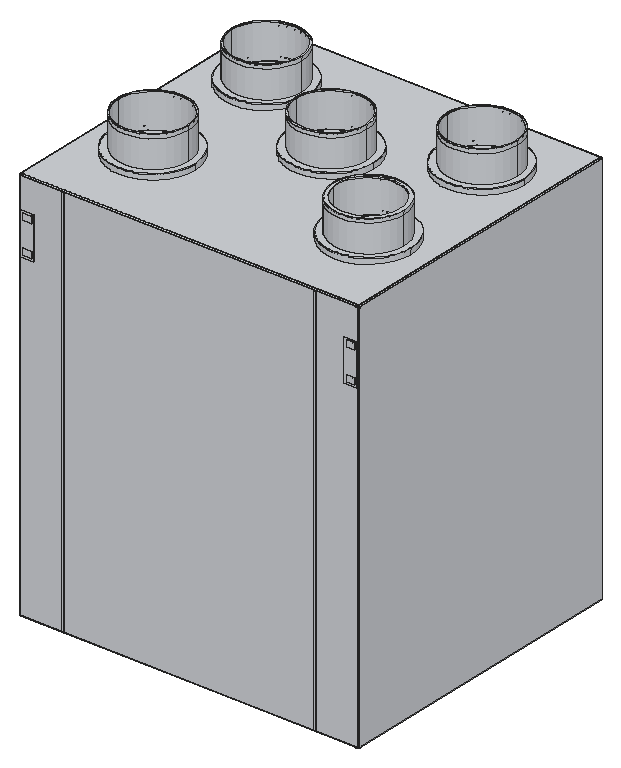
Revit family "Flexit Nordic S 3 R E 500 L 230", category Mechanical Equipment, Revit 2018
Family settings
  Round Connector Dimension = Use Radius
  Part Type = Normal
  Work Plane-Based = No
  Always vertical = Yes
  Cut with Voids When Loaded = No
  Shared = No
  Room Calculation Point = No
Parameters
  magiProductId = "Flexit Nordic S 3 R E 500 L 230"
  magiPartTypeId = 210
  magiFamilyGeom = MagiCAD_Flexit Nordic S 3 R E 500 L 230 : MagiCAD_Flexit Nordic S 3 R E 500 L 230
  Ytelse  SFP-sum vinter [instance] = "1.40 kJ/m³"
  Weight = 0.00 kg
  Vifte, tilluft  Vinter  Vifteinstilling [instance] = "71 %"
  Vifte, avtrekksluft  Vinter  Vifteinstilling [instance] = "71 %"
  VersionID = "1.0/2020.0"
  Varmegjenvinning  Vinter  Komponentvirkningsgrad, tilluft (EN308) [instance] = "78 %"
  Varmegjenvinning  Vinter  Aggregatvirkningsgrad, tilluft (EN13141-7) [instance] = "75 %"
  Uteluft [instance] = "125 mm"
  Tilluftskanal, vinter [instance] = "44 50 56 58 53 53 42 33 dB(A)"
  Tilluft  Trykkfall vinter [instance] = 80.0 Pa
  Tilluft  Luftmengde vinter [instance] = "0.075 m³/s"
  Tilluft [instance] = "125 mm"
  Supply 1 Sound power level [instance] = "70 66 65 61 53 52 41 34 dB"
  Supply 1 Pressure drop min [instance] = 72.0 Pa
  Supply 1 Pressure drop max [instance] = 88.0 Pa
  Supply 1 Pressure drop [instance] = 80.0 Pa
  Supply 1 Airflow operation point min [instance] = 71.25 L/s
  Supply 1 Airflow operation point max [instance] = 78.75 L/s
  Supply 1 Airflow min [instance] = 22.2 L/s
  Supply 1 Airflow max [instance] = 97.2 L/s
  Supply 1 Airflow [instance] = 75.0 L/s
  Resultater  Vekt [instance] = "55 kg"
  Productdata [instance] = "© MagiCAD Group, all rights reserved"
  Pressure rise, supply [instance] = 80.0 Pa
  Pressure rise, extract [instance] = 80.0 Pa
  Outdoor 1 Sound power level [instance] = "70 66 65 61 53 52 41 34 dB"
  Outdoor 1 Pressure drop min [instance] = 0.0 Pa
  Outdoor 1 Pressure drop max [instance] = 0.0 Pa
  Outdoor 1 Pressure drop [instance] = 0.0 Pa
  Outdoor 1 Airflow operation point min [instance] = 71.25 L/s
  Outdoor 1 Airflow operation point max [instance] = 78.75 L/s
  Outdoor 1 Airflow min [instance] = 22.2 L/s
  Outdoor 1 Airflow max [instance] = 97.2 L/s
  Outdoor 1 Airflow [instance] = 75.0 L/s
  Omgivelse, vinter [instance] = "25 33 37 34 29 31 27 27 dB(A)"
  Kjøkkenkanal [instance] = "125 mm"
  Generelt  Informasjon [instance] = ""
  Generelt  Beskrivelse / Plassering [instance] = ""
  Extract 9 Sound power level [instance] = "66 60 58 44 38 34 27 26 dB"
  Extract 9 Pressure drop min [instance] = 0.0 Pa
  Extract 9 Pressure drop max [instance] = 0.0 Pa
  Extract 9 Pressure drop [instance] = 0.0 Pa
  Extract 9 Airflow operation point min [instance] = 71.25 L/s
  Extract 9 Airflow operation point max [instance] = 78.75 L/s
  Extract 9 Airflow min [instance] = 22.2 L/s
  Extract 9 Airflow max [instance] = 97.2 L/s
  Extract 9 Airflow [instance] = 75.0 L/s
  Extract 1 Sound power level [instance] = "66 60 58 44 38 34 27 26 dB"
  Extract 1 Pressure drop min [instance] = 72.0 Pa
  Extract 1 Pressure drop max [instance] = 88.0 Pa
  Extract 1 Pressure drop [instance] = 80.0 Pa
  Extract 1 Airflow operation point min [instance] = 71.25 L/s
  Extract 1 Airflow operation point max [instance] = 78.75 L/s
  Extract 1 Airflow min [instance] = 22.2 L/s
  Extract 1 Airflow max [instance] = 97.2 L/s
  Extract 1 Airflow [instance] = 75.0 L/s
  Exhaust 1 Sound power level [instance] = "66 60 58 44 38 34 27 26 dB"
  Exhaust 1 Pressure drop min [instance] = 0.0 Pa
  Exhaust 1 Pressure drop max [instance] = 0.0 Pa
  Exhaust 1 Pressure drop [instance] = 0.0 Pa
  Exhaust 1 Airflow operation point min [instance] = 71.25 L/s
  Exhaust 1 Airflow operation point max [instance] = 78.75 L/s
  Exhaust 1 Airflow min [instance] = 22.2 L/s
  Exhaust 1 Airflow max [instance] = 97.2 L/s
  Exhaust 1 Airflow [instance] = 75.0 L/s
  Dimensjoner [instance] = "599.4x536.5x765 mm"
  Avtrekkskanal, vinter [instance] = "40 44 49 41 38 36 28 25 dB(A)"
  Avtrekk  Trykkfall vinter [instance] = 80.0 Pa
  Avtrekk  Luftmengde vinter [instance] = "0.075 m³/s"
  Avtrekk [instance] = "125 mm"
  Avkast [instance] = "125 mm"
Reference planes
  plane 1 "Center (Front/Back)": y = 0
  plane 2: z = 0
  plane 3 "Center (Left/Right)": x = 0
Forms (mm)
  Extrusion 1, solid, not visible
    sketch origin (489.7, 157.8, 765) x (1, 0, 0) y (0, 1, 0)
      loop
        line (15.24, 15.24) -> (-15.24, 15.24) -> (-15.24, -15.24) -> (15.24, -15.24) -> (15.24, 15.24)
    from 0 to -30.48
  Extrusion 2, solid, not visible
    sketch origin (109.7, 157.8, 765) x (1, 0, 0) y (0, 1, 0)
      loop
        line (15.24, 15.24) -> (-15.24, 15.24) -> (-15.24, -15.24) -> (15.24, -15.24) -> (15.24, 15.24)
    from 0 to -30.48
  Extrusion 3, solid, not visible
    sketch origin (489.7, 407.8, 765) x (1, 0, 0) y (0, 1, 0)
      loop
        line (15.24, 15.24) -> (-15.24, 15.24) -> (-15.24, -15.24) -> (15.24, -15.24) -> (15.24, 15.24)
    from 0 to -30.48
  Extrusion 4, solid, not visible
    sketch origin (299.7, 312.8, 765) x (1, 0, 0) y (0, 1, 0)
      loop
        line (15.24, 15.24) -> (-15.24, 15.24) -> (-15.24, -15.24) -> (15.24, -15.24) -> (15.24, 15.24)
    from 0 to -30.48
  Extrusion 5, solid, not visible
    sketch origin (109.7, 407.8, 765) x (1, 0, 0) y (0, 1, 0)
      loop
        line (15.24, 15.24) -> (-15.24, 15.24) -> (-15.24, -15.24) -> (15.24, -15.24) -> (15.24, 15.24)
    from 0 to -30.48
Text (mm)
  text "© MagiCAD Group, all rights reserved" at (-487.68, -1524, 0), in view "Ref. Level"
Nested families
  nested 1: "MagiCAD_Flexit Nordic S 3 R E 500 L 230" at (0, 0, 0), type <- "magiFamilyGeom", type "MagiCAD_Flexit Nordic S 3 R E 500 L 230"
Connectors
  hvac at (489.7, 157.8, 765)
    settings: on Extrusion 1, index 1, duct flow 0.0 L/s, flow factor 0, pres drop 0.0 Pa, loss coef 0, conn angle 0.00°, conn width 304.8 mm, conn height 304.8 mm, conn diameter 125 mm, duct sys type 1, conn prof type 0, flow config 0, flow direction 2, loss method 0, conn ref index -1, conn util no, is conn primary yes, conn desc "Supply 1"
  hvac at (109.7, 157.8, 765)
    settings: on Extrusion 2, index 2, duct flow 0.0 L/s, flow factor 0, pres drop 0.0 Pa, loss coef 0, conn angle 0.00°, conn width 304.8 mm, conn height 304.8 mm, conn diameter 125 mm, duct sys type 1, conn prof type 0, flow config 0, flow direction 1, loss method 0, conn ref index -1, conn util no, is conn primary no, conn desc "Outdoor 1"
  hvac at (489.7, 407.8, 765)
    settings: on Extrusion 3, index 3, duct flow 0.0 L/s, flow factor 0, pres drop 0.0 Pa, loss coef 0, conn angle 0.00°, conn width 304.8 mm, conn height 304.8 mm, conn diameter 125 mm, duct sys type 2, conn prof type 0, flow config 0, flow direction 1, loss method 0, conn ref index -1, conn util no, is conn primary no, conn desc "Extract 1"
  hvac at (299.7, 312.8, 765)
    settings: on Extrusion 4, index 4, duct flow 0.0 L/s, flow factor 0, pres drop 0.0 Pa, loss coef 0, conn angle 0.00°, conn width 304.8 mm, conn height 304.8 mm, conn diameter 125 mm, duct sys type 2, conn prof type 0, flow config 0, flow direction 1, loss method 0, conn ref index -1, conn util no, is conn primary no, conn desc "Extract 9"
  hvac at (109.7, 407.8, 765)
    settings: on Extrusion 5, index 5, duct flow 0.0 L/s, flow factor 0, pres drop 0.0 Pa, loss coef 0, conn angle 0.00°, conn width 304.8 mm, conn height 304.8 mm, conn diameter 125 mm, duct sys type 3, conn prof type 0, flow config 0, flow direction 2, loss method 0, conn ref index -1, conn util no, is conn primary no, conn desc "Exhaust 1"
Definition of nested family "MagiCAD_Flexit Nordic S 3 R E 500 L 230"
  Reference planes
    plane 1 "Center (Front/Back)": y = 0
    plane 2: z = 0
    plane 3 "Center (Left/Right)": x = 0
  Forms (mm)
    Extrusion 1, solid
      sketch origin (109.7, 407.8, 700) x (1, 0, 0) y (0, 1, 0)
        loop
          circle (0, 0) r 62.4
      from 0 to 2
    Extrusion 2, void
      sketch origin (109.7, 407.8, 700) x (1, 0, 0) y (0, 1, 0)
        loop
          circle (0, 0) r 62.2
      from 0.2 to 2
    Extrusion 3, solid
      sketch origin (109.7, 407.8, 700) x (1, 0, 0) y (0, 1, 0)
        loop
          circle (0, 0) r 62.5
      from 0 to 65
    Extrusion 4, void
      sketch origin (109.7, 407.8, 700) x (1, 0, 0) y (0, 1, 0)
        loop
          circle (0, 0) r 62.3
      from 0 to 65
    Extrusion 5, solid
      sketch origin (109.7, 407.8, 700) x (1, 0, 0) y (0, 1, 0)
        loop
          circle (0, 0) r 75
      from 0 to 10
    Extrusion 6, void
      sketch origin (109.7, 407.8, 700) x (1, 0, 0) y (0, 1, 0)
        loop
          circle (0, 0) r 74.8
      from 0 to 10
    Extrusion 7, solid
      sketch origin (109.7, 407.8, 758.5) x (1, 0, 0) y (0, 1, 0)
        loop
          circle (0, 0) r 62.55
      from 0 to 6.5
    Extrusion 8, void
      sketch origin (109.7, 407.8, 758.5) x (1, 0, 0) y (0, 1, 0)
        loop
          circle (0, 0) r 62.35
      from 0 to 6.5
    Extrusion 9, solid
      sketch origin (299.7, 312.8, 700) x (1, 0, 0) y (0, 1, 0)
        loop
          circle (0, 0) r 62.4
      from 0 to 2
    Extrusion 10, void
      sketch origin (299.7, 312.8, 700) x (1, 0, 0) y (0, 1, 0)
        loop
          circle (0, 0) r 62.2
      from 0.2 to 2
    Extrusion 11, solid
      sketch origin (299.7, 312.8, 700) x (1, 0, 0) y (0, 1, 0)
        loop
          circle (0, 0) r 62.5
      from 0 to 65
    Extrusion 12, void
      sketch origin (299.7, 312.8, 700) x (1, 0, 0) y (0, 1, 0)
        loop
          circle (0, 0) r 62.3
      from 0 to 65
    Extrusion 13, solid
      sketch origin (299.7, 312.8, 700) x (1, 0, 0) y (0, 1, 0)
        loop
          circle (0, 0) r 75
      from 0 to 10
    Extrusion 14, void
      sketch origin (299.7, 312.8, 700) x (1, 0, 0) y (0, 1, 0)
        loop
          circle (0, 0) r 74.8
      from 0 to 10
    Extrusion 15, solid
      sketch origin (299.7, 312.8, 758.5) x (1, 0, 0) y (0, 1, 0)
        loop
          circle (0, 0) r 62.55
      from 0 to 6.5
    Extrusion 16, void
      sketch origin (299.7, 312.8, 758.5) x (1, 0, 0) y (0, 1, 0)
        loop
          circle (0, 0) r 62.35
      from 0 to 6.5
    Extrusion 17, solid
      sketch origin (489.7, 407.8, 700) x (1, 0, 0) y (0, 1, 0)
        loop
          circle (0, 0) r 62.4
      from 0 to 2
    Extrusion 18, void
      sketch origin (489.7, 407.8, 700) x (1, 0, 0) y (0, 1, 0)
        loop
          circle (0, 0) r 62.2
      from 0.2 to 2
    Extrusion 19, solid
      sketch origin (489.7, 407.8, 700) x (1, 0, 0) y (0, 1, 0)
        loop
          circle (0, 0) r 62.5
      from 0 to 65
    Extrusion 20, void
      sketch origin (489.7, 407.8, 700) x (1, 0, 0) y (0, 1, 0)
        loop
          circle (0, 0) r 62.3
      from 0 to 65
    Extrusion 21, solid
      sketch origin (489.7, 407.8, 700) x (1, 0, 0) y (0, 1, 0)
        loop
          circle (0, 0) r 75
      from 0 to 10
    Extrusion 22, void
      sketch origin (489.7, 407.8, 700) x (1, 0, 0) y (0, 1, 0)
        loop
          circle (0, 0) r 74.8
      from 0 to 10
    Extrusion 23, solid
      sketch origin (489.7, 407.8, 758.5) x (1, 0, 0) y (0, 1, 0)
        loop
          circle (0, 0) r 62.55
      from 0 to 6.5
    Extrusion 24, void
      sketch origin (489.7, 407.8, 758.5) x (1, 0, 0) y (0, 1, 0)
        loop
          circle (0, 0) r 62.35
      from 0 to 6.5
    Extrusion 25, solid
      sketch origin (109.7, 157.8, 700) x (1, 0, 0) y (0, 1, 0)
        loop
          circle (0, 0) r 62.4
      from 0 to 2
    Extrusion 26, void
      sketch origin (109.7, 157.8, 700) x (1, 0, 0) y (0, 1, 0)
        loop
          circle (0, 0) r 62.2
      from 0.2 to 2
    Extrusion 27, solid
      sketch origin (109.7, 157.8, 700) x (1, 0, 0) y (0, 1, 0)
        loop
          circle (0, 0) r 62.5
      from 0 to 65
    Extrusion 28, void
      sketch origin (109.7, 157.8, 700) x (1, 0, 0) y (0, 1, 0)
        loop
          circle (0, 0) r 62.3
      from 0 to 65
    Extrusion 29, solid
      sketch origin (109.7, 157.8, 700) x (1, 0, 0) y (0, 1, 0)
        loop
          circle (0, 0) r 75
      from 0 to 10
    Extrusion 30, void
      sketch origin (109.7, 157.8, 700) x (1, 0, 0) y (0, 1, 0)
        loop
          circle (0, 0) r 74.8
      from 0 to 10
    Extrusion 31, solid
      sketch origin (109.7, 157.8, 758.5) x (1, 0, 0) y (0, 1, 0)
        loop
          circle (0, 0) r 62.55
      from 0 to 6.5
    Extrusion 32, void
      sketch origin (109.7, 157.8, 758.5) x (1, 0, 0) y (0, 1, 0)
        loop
          circle (0, 0) r 62.35
      from 0 to 6.5
    Extrusion 33, solid
      sketch origin (489.7, 157.8, 700) x (1, 0, 0) y (0, 1, 0)
        loop
          circle (0, 0) r 62.4
      from 0 to 2
    Extrusion 34, void
      sketch origin (489.7, 157.8, 700) x (1, 0, 0) y (0, 1, 0)
        loop
          circle (0, 0) r 62.2
      from 0.2 to 2
    Extrusion 35, solid
      sketch origin (489.7, 157.8, 700) x (1, 0, 0) y (0, 1, 0)
        loop
          circle (0, 0) r 62.5
      from 0 to 65
    Extrusion 36, void
      sketch origin (489.7, 157.8, 700) x (1, 0, 0) y (0, 1, 0)
        loop
          circle (0, 0) r 62.3
      from 0 to 65
    Extrusion 37, solid
      sketch origin (489.7, 157.8, 700) x (1, 0, 0) y (0, 1, 0)
        loop
          circle (0, 0) r 75
      from 0 to 10
    Extrusion 38, void
      sketch origin (489.7, 157.8, 700) x (1, 0, 0) y (0, 1, 0)
        loop
          circle (0, 0) r 74.8
      from 0 to 10
    Extrusion 39, solid
      sketch origin (489.7, 157.8, 758.5) x (1, 0, 0) y (0, 1, 0)
        loop
          circle (0, 0) r 62.55
      from 0 to 6.5
    Extrusion 40, void
      sketch origin (489.7, 157.8, 758.5) x (1, 0, 0) y (0, 1, 0)
        loop
          circle (0, 0) r 62.35
      from 0 to 6.5
    Extrusion 41, solid
      sketch origin (109.7, 407.8, 710) x (1, 0, 0) y (0, 1, 0)
        loop
          circle (0, 0) r 62.55
        loop
          circle (0, 0) r 75
      from -0.1 to 0.1
    Extrusion 42, solid
      sketch origin (109.7, 407.8, 702) x (1, 0, 0) y (0, 1, 0)
        loop
          circle (0, 0) r 62.4
      from -0.1 to 0.1
    Extrusion 43, solid
      sketch origin (109.7, 407.8, 765) x (1, 0, 0) y (0, 1, 0)
        loop
          circle (0, 0) r 60.5
        loop
          circle (0, 0) r 62.5
      from -0.1 to 0.1
    Extrusion 44, solid
      sketch origin (299.7, 312.8, 710) x (1, 0, 0) y (0, 1, 0)
        loop
          circle (0, 0) r 62.55
        loop
          circle (0, 0) r 75
      from -0.1 to 0.1
    Extrusion 45, solid
      sketch origin (299.7, 312.8, 702) x (1, 0, 0) y (0, 1, 0)
        loop
          circle (0, 0) r 62.4
      from -0.1 to 0.1
    Extrusion 46, solid
      sketch origin (299.7, 312.8, 765) x (1, 0, 0) y (0, 1, 0)
        loop
          circle (0, 0) r 60.5
        loop
          circle (0, 0) r 62.5
      from -0.1 to 0.1
    Extrusion 47, solid
      sketch origin (489.7, 407.8, 710) x (1, 0, 0) y (0, 1, 0)
        loop
          circle (0, 0) r 62.55
        loop
          circle (0, 0) r 75
      from -0.1 to 0.1
    Extrusion 48, solid
      sketch origin (489.7, 407.8, 702) x (1, 0, 0) y (0, 1, 0)
        loop
          circle (0, 0) r 62.4
      from -0.1 to 0.1
    Extrusion 49, solid
      sketch origin (489.7, 407.8, 765) x (1, 0, 0) y (0, 1, 0)
        loop
          circle (0, 0) r 60.5
        loop
          circle (0, 0) r 62.5
      from -0.1 to 0.1
    Extrusion 50, solid
      sketch origin (109.7, 157.8, 710) x (1, 0, 0) y (0, 1, 0)
        loop
          circle (0, 0) r 62.55
        loop
          circle (0, 0) r 75
      from -0.1 to 0.1
    Extrusion 51, solid
      sketch origin (109.7, 157.8, 702) x (1, 0, 0) y (0, 1, 0)
        loop
          circle (0, 0) r 62.4
      from -0.1 to 0.1
    Extrusion 52, solid
      sketch origin (109.7, 157.8, 765) x (1, 0, 0) y (0, 1, 0)
        loop
          circle (0, 0) r 60.5
        loop
          circle (0, 0) r 62.5
      from -0.1 to 0.1
    Extrusion 53, solid
      sketch origin (489.7, 157.8, 710) x (1, 0, 0) y (0, 1, 0)
        loop
          circle (0, 0) r 62.55
        loop
          circle (0, 0) r 75
      from -0.1 to 0.1
    Extrusion 54, solid
      sketch origin (489.7, 157.8, 702) x (1, 0, 0) y (0, 1, 0)
        loop
          circle (0, 0) r 62.4
      from -0.1 to 0.1
    Extrusion 55, solid
      sketch origin (489.7, 157.8, 765) x (1, 0, 0) y (0, 1, 0)
        loop
          circle (0, 0) r 56
        loop
          circle (0, 0) r 62.5
      from -0.1 to 0.1
    Extrusion 56, solid
      sketch origin (2, 534.5, 698) x (1, 0, 0) y (0, 1, 0)
        loop
          line (595.4, 0) -> (595.4, 2) -> (0, 2) -> (0, 0) -> (595.4, 0)
      from -0.1 to 0.1
    Extrusion 57, solid
      sketch origin (2, 534.5, 700) x (0, 0, 1) y (1, 0, 0)
        loop
          line (0, 595.4) -> (-2, 595.4) -> (-2, 0) -> (0, 0) -> (0, 595.4)
      from -0.1 to 0.1
    Extrusion 58, solid
      sketch origin (2, 536.5, 698) x (1, 0, 0) y (0, -0.707107, 0.707107)
        loop
          line (595.4, 0) -> (595.4, 2.828) -> (0, 2.828) -> (0, 0) -> (595.4, 0)
      from -0.1 to 0.1
    Extrusion 59, solid
      sketch origin (597.4, 534.5, 698) x (0, 1, 0) y (0, 0, 1)
        loop
          line (2, 0) -> (0, 2) -> (0, 0) -> (2, 0)
      from -0.1 to 0.1
    Extrusion 60, solid
      sketch origin (2, 534.5, 698) x (0, 1, 0) y (0, 0, 1)
        loop
          line (2, 0) -> (0, 2) -> (0, 0) -> (2, 0)
      from -0.1 to 0.1
    Extrusion 61, solid
      sketch origin (2, 534.5, 2) x (0, 0, 1) y (1, 0, 0)
        loop
          line (0, 595.4) -> (-2, 595.4) -> (-2, 0) -> (0, 0) -> (0, 595.4)
      from -0.1 to 0.1
    Extrusion 62, solid
      sketch origin (2, 536.5, 2) x (0, 1, 0) y (1, 0, 0)
        loop
          line (0, 595.4) -> (-2, 595.4) -> (-2, 0) -> (0, 0) -> (0, 595.4)
      from -0.1 to 0.1
    Extrusion 63, solid
      sketch origin (2, 534.5, 0) x (1, 0, 0) y (0, 0.707107, 0.707107)
        loop
          line (595.4, 0) -> (595.4, 2.828) -> (0, 2.828) -> (0, 0) -> (595.4, 0)
      from -0.1 to 0.1
    Extrusion 64, solid
      sketch origin (597.4, 534.5, 2) x (0, 1, 0) y (0, 0, 1)
        loop
          line (0, -2) -> (2, 0) -> (0, 0) -> (0, -2)
      from -0.1 to 0.1
    Extrusion 65, solid
      sketch origin (2, 534.5, 2) x (0, 1, 0) y (0, 0, 1)
        loop
          line (0, -2) -> (2, 0) -> (0, 0) -> (0, -2)
      from -0.1 to 0.1
    Extrusion 66, solid
      sketch origin (597.4, 534.5, 698) x (0, 1, 0) y (0, 0, 1)
        loop
          line (0, -696) -> (2, -696) -> (2, 0) -> (0, 0) -> (0, -696)
      from -0.1 to 0.1
    Extrusion 67, solid
      sketch origin (599.4, 534.5, 698) x (0, 0, 1) y (1, 0, 0)
        loop
          line (-696, 0) -> (-696, -2) -> (0, -2) -> (0, 0) -> (-696, 0)
      from -0.1 to 0.1
    Extrusion 68, solid
      sketch origin (597.4, 536.5, 698) x (0.707107, -0.707107, 0) y (0, 0, 1)
        loop
          line (0, -696) -> (2.828, -696) -> (2.828, 0) -> (0, 0) -> (0, -696)
      from -0.1 to 0.1
    Extrusion 69, solid
      sketch origin (597.4, 534.5, 2) x (0, 1, 0) y (1, 0, 0)
        loop
          line (2, 0) -> (0, 2) -> (0, 0) -> (2, 0)
      from -0.1 to 0.1
    Extrusion 70, solid
      sketch origin (597.4, 534.5, 698) x (0, 1, 0) y (1, 0, 0)
        loop
          line (2, 0) -> (0, 2) -> (0, 0) -> (2, 0)
      from -0.1 to 0.1
    Extrusion 71, solid
      sketch origin (2, 534.5, 698) x (0, 1, 0) y (0, 0, 1)
        loop
          line (0, -696) -> (2, -696) -> (2, 0) -> (0, 0) -> (0, -696)
      from -0.1 to 0.1
    Extrusion 72, solid
      sketch origin (0, 534.5, 698) x (0, 0, -1) y (1, 0, 0)
        loop
          line (696, 0) -> (696, 2) -> (0, 2) -> (0, 0) -> (696, 0)
      from -0.1 to 0.1
    Extrusion 73, solid
      sketch origin (2, 536.5, 698) x (0.707107, 0.707107, 0) y (0, 0, -1)
        loop
          line (0, 696) -> (-2.828, 696) -> (-2.828, 0) -> (0, 0) -> (0, 696)
      from -0.1 to 0.1
    Extrusion 74, solid
      sketch origin (2, 534.5, 2) x (1, 0, 0) y (0, 1, 0)
        loop
          line (0, 2) -> (-2, 0) -> (0, 0) -> (0, 2)
      from -0.1 to 0.1
    Extrusion 75, solid
      sketch origin (2, 534.5, 698) x (1, 0, 0) y (0, 1, 0)
        loop
          line (0, 2) -> (-2, 0) -> (0, 0) -> (0, 2)
      from -0.1 to 0.1
    Extrusion 76, solid
      sketch origin (597.4, 2, 698) x (0, 0, -1) y (1, 0, 0)
        loop
          line (696, 0) -> (696, 2) -> (0, 2) -> (0, 0) -> (696, 0)
      from -0.1 to 0.1
    Extrusion 77, solid
      sketch origin (597.4, 0, 698) x (0, 1, 0) y (0, 0, 1)
        loop
          line (0, -696) -> (2, -696) -> (2, 0) -> (0, 0) -> (0, -696)
      from -0.1 to 0.1
    Extrusion 78, solid
      sketch origin (599.4, 2, 698) x (0.707107, 0.707107, 0) y (0, 0, -1)
        loop
          line (0, 696) -> (-2.828, 696) -> (-2.828, 0) -> (0, 0) -> (0, 696)
      from -0.1 to 0.1
    Extrusion 79, solid
      sketch origin (597.4, 2, 2) x (0, 1, 0) y (1, 0, 0)
        loop
          line (0, 2) -> (-2, 0) -> (0, 0) -> (0, 2)
      from -0.1 to 0.1
    Extrusion 80, solid
      sketch origin (597.4, 2, 698) x (0, 1, 0) y (1, 0, 0)
        loop
          line (0, 2) -> (-2, 0) -> (0, 0) -> (0, 2)
      from -0.1 to 0.1
    Extrusion 81, solid
      sketch origin (2, 2, 698) x (0, 0, 1) y (1, 0, 0)
        loop
          line (-696, 0) -> (-696, -2) -> (0, -2) -> (0, 0) -> (-696, 0)
      from -0.1 to 0.1
    Extrusion 82, solid
      sketch origin (2, 0, 698) x (0, 1, 0) y (0, 0, 1)
        loop
          line (0, -696) -> (2, -696) -> (2, 0) -> (0, 0) -> (0, -696)
      from -0.1 to 0.1
    Extrusion 83, solid
      sketch origin (0, 2, 698) x (0.707107, -0.707107, 0) y (0, 0, 1)
        loop
          line (0, -696) -> (2.828, -696) -> (2.828, 0) -> (0, 0) -> (0, -696)
      from -0.1 to 0.1
    Extrusion 84, solid
      sketch origin (2, 2, 2) x (1, 0, 0) y (0, 1, 0)
        loop
          line (-2, 0) -> (0, -2) -> (0, 0) -> (-2, 0)
      from -0.1 to 0.1
    Extrusion 85, solid
      sketch origin (2, 2, 698) x (1, 0, 0) y (0, 1, 0)
        loop
          line (-2, 0) -> (0, -2) -> (0, 0) -> (-2, 0)
      from -0.1 to 0.1
    Extrusion 86, solid
      sketch origin (2, 2, 698) x (0, 0, -1) y (1, 0, 0)
        loop
          line (0, 595.4) -> (-2, 595.4) -> (-2, 0) -> (0, 0) -> (0, 595.4)
      from -0.1 to 0.1
    Extrusion 87, solid
      sketch origin (2, 0, 698) x (1, 0, 0) y (0, 1, 0)
        loop
          line (595.4, 0) -> (595.4, 2) -> (0, 2) -> (0, 0) -> (595.4, 0)
      from -0.1 to 0.1
    Extrusion 88, solid
      sketch origin (2, 2, 700) x (1, 0, 0) y (0, -0.707107, -0.707107)
        loop
          line (595.4, 0) -> (595.4, 2.828) -> (0, 2.828) -> (0, 0) -> (595.4, 0)
      from -0.1 to 0.1
    Extrusion 89, solid
      sketch origin (597.4, 2, 698) x (0, 1, 0) y (0, 0, 1)
        loop
          line (0, 2) -> (-2, 0) -> (0, 0) -> (0, 2)
      from -0.1 to 0.1
    Extrusion 90, solid
      sketch origin (2, 2, 698) x (0, 1, 0) y (0, 0, 1)
        loop
          line (0, 2) -> (-2, 0) -> (0, 0) -> (0, 2)
      from -0.1 to 0.1
    Extrusion 91, solid
      sketch origin (2, 2, 2) x (0, 1, 0) y (1, 0, 0)
        loop
          line (0, 595.4) -> (-2, 595.4) -> (-2, 0) -> (0, 0) -> (0, 595.4)
      from -0.1 to 0.1
    Extrusion 92, solid
      sketch origin (2, 2, 0) x (0, 0, -1) y (1, 0, 0)
        loop
          line (0, 595.4) -> (-2, 595.4) -> (-2, 0) -> (0, 0) -> (0, 595.4)
      from -0.1 to 0.1
    Extrusion 93, solid
      sketch origin (2, 0, 2) x (1, 0, 0) y (0, 0.707107, -0.707107)
        loop
          line (595.4, 0) -> (595.4, 2.828) -> (0, 2.828) -> (0, 0) -> (595.4, 0)
      from -0.1 to 0.1
    Extrusion 94, solid
      sketch origin (597.4, 2, 2) x (0, 1, 0) y (0, 0, 1)
        loop
          line (-2, 0) -> (0, -2) -> (0, 0) -> (-2, 0)
      from -0.1 to 0.1
    Extrusion 95, solid
      sketch origin (2, 2, 2) x (0, 1, 0) y (0, 0, 1)
        loop
          line (-2, 0) -> (0, -2) -> (0, 0) -> (-2, 0)
      from -0.1 to 0.1
    Extrusion 96, solid
      sketch origin (597.4, 2, 698) x (0, 1, 0) y (0, 0, 1)
        loop
          line (532.5, 0) -> (532.5, 2) -> (0, 2) -> (0, 0) -> (532.5, 0)
      from -0.1 to 0.1
    Extrusion 97, solid
      sketch origin (599.4, 2, 698) x (1, 0, 0) y (0, 1, 0)
        loop
          line (0, 532.5) -> (-2, 532.5) -> (-2, 0) -> (0, 0) -> (0, 532.5)
      from -0.1 to 0.1
    Extrusion 98, solid
      sketch origin (597.4, 2, 700) x (0.707107, 0, -0.707107) y (0, -1, 0)
        loop
          line (0, -532.5) -> (2.828, -532.5) -> (2.828, 0) -> (0, 0) -> (0, -532.5)
      from -0.1 to 0.1
    Extrusion 99, solid
      sketch origin (597.4, 534.5, 698) x (0, 0, 1) y (1, 0, 0)
        loop
          line (2, 0) -> (0, 2) -> (0, 0) -> (2, 0)
      from -0.1 to 0.1
    Extrusion 100, solid
      sketch origin (597.4, 2, 698) x (0, 0, 1) y (1, 0, 0)
        loop
          line (2, 0) -> (0, 2) -> (0, 0) -> (2, 0)
      from -0.1 to 0.1
    Extrusion 101, solid
      sketch origin (597.4, 2, 2) x (0, 1, 0) y (1, 0, 0)
        loop
          line (532.5, 0) -> (532.5, 2) -> (0, 2) -> (0, 0) -> (532.5, 0)
      from -0.1 to 0.1
    Extrusion 102, solid
      sketch origin (597.4, 2, 0) x (0, 1, 0) y (0, 0, 1)
        loop
          line (532.5, 0) -> (532.5, 2) -> (0, 2) -> (0, 0) -> (532.5, 0)
      from -0.1 to 0.1
    Extrusion 103, solid
      sketch origin (599.4, 2, 2) x (0.707107, 0, 0.707107) y (0, 1, 0)
        loop
          line (0, 532.5) -> (-2.828, 532.5) -> (-2.828, 0) -> (0, 0) -> (0, 532.5)
      from -0.1 to 0.1
    Extrusion 104, solid
      sketch origin (597.4, 534.5, 2) x (0, 0, 1) y (1, 0, 0)
        loop
          line (0, 2) -> (-2, 0) -> (0, 0) -> (0, 2)
      from -0.1 to 0.1
    Extrusion 105, solid
      sketch origin (597.4, 2, 2) x (0, 0, 1) y (1, 0, 0)
        loop
          line (0, 2) -> (-2, 0) -> (0, 0) -> (0, 2)
      from -0.1 to 0.1
    Extrusion 106, solid
      sketch origin (2, 2, 698) x (0, 1, 0) y (0, 0, 1)
        loop
          line (532.5, 0) -> (532.5, 2) -> (0, 2) -> (0, 0) -> (532.5, 0)
      from -0.1 to 0.1
    Extrusion 107, solid
      sketch origin (0, 2, 698) x (0, 1, 0) y (1, 0, 0)
        loop
          line (532.5, 0) -> (532.5, 2) -> (0, 2) -> (0, 0) -> (532.5, 0)
      from -0.1 to 0.1
    Extrusion 108, solid
      sketch origin (2, 2, 700) x (0.707107, 0, 0.707107) y (0, 1, 0)
        loop
          line (0, 532.5) -> (-2.828, 532.5) -> (-2.828, 0) -> (0, 0) -> (0, 532.5)
      from -0.1 to 0.1
    Extrusion 109, solid
      sketch origin (2, 534.5, 698) x (0, 0, -1) y (1, 0, 0)
        loop
          line (-2, 0) -> (0, -2) -> (0, 0) -> (-2, 0)
      from -0.1 to 0.1
    Extrusion 110, solid
      sketch origin (2, 2, 698) x (0, 0, -1) y (1, 0, 0)
        loop
          line (-2, 0) -> (0, -2) -> (0, 0) -> (-2, 0)
      from -0.1 to 0.1
    Extrusion 111, solid
      sketch origin (2, 2, 2) x (1, 0, 0) y (0, 1, 0)
        loop
          line (0, 532.5) -> (-2, 532.5) -> (-2, 0) -> (0, 0) -> (0, 532.5)
      from -0.1 to 0.1
    Extrusion 112, solid
      sketch origin (2, 2, 0) x (0, 1, 0) y (0, 0, 1)
        loop
          line (532.5, 0) -> (532.5, 2) -> (0, 2) -> (0, 0) -> (532.5, 0)
      from -0.1 to 0.1
    Extrusion 113, solid
      sketch origin (0, 2, 2) x (0.707107, 0, -0.707107) y (0, -1, 0)
        loop
          line (0, -532.5) -> (2.828, -532.5) -> (2.828, 0) -> (0, 0) -> (0, -532.5)
      from -0.1 to 0.1
    Extrusion 114, solid
      sketch origin (2, 534.5, 2) x (0, 0, -1) y (1, 0, 0)
        loop
          line (0, -2) -> (2, 0) -> (0, 0) -> (0, -2)
      from -0.1 to 0.1
    Extrusion 115, solid
      sketch origin (2, 2, 2) x (0, 0, -1) y (1, 0, 0)
        loop
          line (0, -2) -> (2, 0) -> (0, 0) -> (0, -2)
      from -0.1 to 0.1
    Extrusion 116, solid
      sketch origin (2, 2, 698) x (0, -1, 0) y (0, 0, 1)
        loop
          line (0, 2) -> (-532.5, 2) -> (-532.5, 0) -> (0, 0) -> (0, 2)
      from -0.1 to 0.1
    Extrusion 117, solid
      sketch origin (597.4, 2, 698) x (0, 0, -1) y (1, 0, 0)
        loop
          line (-2, 0) -> (-2, -595.4) -> (0, -595.4) -> (0, 0) -> (-2, 0)
      from -0.1 to 0.1
    Extrusion 118, solid
      sketch origin (597.4, 534.5, 698) x (0, 1, 0) y (0, 0, 1)
        loop
          line (0, 2) -> (-532.5, 2) -> (-532.5, 0) -> (0, 0) -> (0, 2)
      from -0.1 to 0.1
    Extrusion 119, solid
      sketch origin (2, 534.5, 698) x (0, 0, 1) y (1, 0, 0)
        loop
          line (2, 0) -> (2, 595.4) -> (0, 595.4) -> (0, 0) -> (2, 0)
      from -0.1 to 0.1
    Extrusion 120, solid
      sketch origin (597.4, 2, 700) x (1, 0, 0) y (0, 1, 0)
        loop
          line (0, 532.5) -> (-595.4, 532.5) -> (-595.4, 0) -> (0, 0) -> (0, 532.5)
      from -0.1 to 0.1
    Extrusion 121, solid
      sketch origin (597.4, 2, 698) x (1, 0, 0) y (0, 1, 0)
        loop
          line (0, 532.5) -> (-595.4, 532.5) -> (-595.4, 0) -> (0, 0) -> (0, 532.5)
      from -0.1 to 0.1
    Extrusion 122, solid
      sketch origin (2, 2, 2) x (0, 0, 1) y (1, 0, 0)
        loop
          line (0, -2) -> (696, -2) -> (696, 0) -> (0, 0) -> (0, -2)
      from -0.1 to 0.1
    Extrusion 123, solid
      sketch origin (2, 534.5, 2) x (1, 0, 0) y (0, 1, 0)
        loop
          line (-2, 0) -> (-2, -532.5) -> (0, -532.5) -> (0, 0) -> (-2, 0)
      from -0.1 to 0.1
    Extrusion 124, solid
      sketch origin (2, 534.5, 698) x (0, 0, -1) y (1, 0, 0)
        loop
          line (0, -2) -> (696, -2) -> (696, 0) -> (0, 0) -> (0, -2)
      from -0.1 to 0.1
    Extrusion 125, solid
      sketch origin (2, 2, 698) x (0, 1, 0) y (1, 0, 0)
        loop
          line (0, -2) -> (532.5, -2) -> (532.5, 0) -> (0, 0) -> (0, -2)
      from -0.1 to 0.1
    Extrusion 126, solid
      sketch origin (0, 2, 2) x (0, -1, 0) y (0, 0, 1)
        loop
          line (0, 696) -> (-532.5, 696) -> (-532.5, 0) -> (0, 0) -> (0, 696)
      from -0.1 to 0.1
    Extrusion 127, solid
      sketch origin (2, 2, 2) x (0, -1, 0) y (0, 0, 1)
        loop
          line (0, 696) -> (-532.5, 696) -> (-532.5, 0) -> (0, 0) -> (0, 696)
      from -0.1 to 0.1
    Extrusion 128, solid
      sketch origin (2, 534.5, 2) x (0, 1, 0) y (0, 0, 1)
        loop
          line (2, 0) -> (2, 696) -> (0, 696) -> (0, 0) -> (2, 0)
      from -0.1 to 0.1
    Extrusion 129, solid
      sketch origin (597.4, 534.5, 2) x (1, 0, 0) y (0, 1, 0)
        loop
          line (0, 2) -> (-595.4, 2) -> (-595.4, 0) -> (0, 0) -> (0, 2)
      from -0.1 to 0.1
    Extrusion 130, solid
      sketch origin (597.4, 534.5, 698) x (0, -1, 0) y (0, 0, 1)
        loop
          line (-2, 0) -> (-2, -696) -> (0, -696) -> (0, 0) -> (-2, 0)
      from -0.1 to 0.1
    Extrusion 131, solid
      sketch origin (2, 534.5, 698) x (0, 1, 0) y (1, 0, 0)
        loop
          line (2, 0) -> (2, 595.4) -> (0, 595.4) -> (0, 0) -> (2, 0)
      from -0.1 to 0.1
    Extrusion 132, solid
      sketch origin (2, 536.5, 2) x (0, 0, 1) y (1, 0, 0)
        loop
          line (696, 0) -> (696, 595.4) -> (0, 595.4) -> (0, 0) -> (696, 0)
      from -0.1 to 0.1
    Extrusion 133, solid
      sketch origin (2, 534.5, 2) x (0, 0, 1) y (1, 0, 0)
        loop
          line (696, 0) -> (696, 595.4) -> (0, 595.4) -> (0, 0) -> (696, 0)
      from -0.1 to 0.1
    Extrusion 134, solid
      sketch origin (597.4, 534.5, 2) x (0, 0, -1) y (1, 0, 0)
        loop
          line (0, 2) -> (-696, 2) -> (-696, 0) -> (0, 0) -> (0, 2)
      from -0.1 to 0.1
    Extrusion 135, solid
      sketch origin (597.4, 2, 2) x (1, 0, 0) y (0, 1, 0)
        loop
          line (2, 0) -> (2, 532.5) -> (0, 532.5) -> (0, 0) -> (2, 0)
      from -0.1 to 0.1
    Extrusion 136, solid
      sketch origin (597.4, 2, 698) x (0, 0, 1) y (1, 0, 0)
        loop
          line (0, 2) -> (-696, 2) -> (-696, 0) -> (0, 0) -> (0, 2)
      from -0.1 to 0.1
    Extrusion 137, solid
      sketch origin (597.4, 534.5, 698) x (0, 1, 0) y (1, 0, 0)
        loop
          line (0, 2) -> (-532.5, 2) -> (-532.5, 0) -> (0, 0) -> (0, 2)
      from -0.1 to 0.1
    Extrusion 138, solid
      sketch origin (599.4, 534.5, 2) x (0, 1, 0) y (0, 0, 1)
        loop
          line (0, 696) -> (-532.5, 696) -> (-532.5, 0) -> (0, 0) -> (0, 696)
      from -0.1 to 0.1
    Extrusion 139, solid
      sketch origin (597.4, 534.5, 2) x (0, 1, 0) y (0, 0, 1)
        loop
          line (0, 696) -> (-532.5, 696) -> (-532.5, 0) -> (0, 0) -> (0, 696)
      from -0.1 to 0.1
    Extrusion 140, solid
      sketch origin (2, 2, 2) x (0, 1, 0) y (0, 0, 1)
        loop
          line (0, -2) -> (532.5, -2) -> (532.5, 0) -> (0, 0) -> (0, -2)
      from -0.1 to 0.1
    Extrusion 141, solid
      sketch origin (597.4, 2, 2) x (0, 0, 1) y (1, 0, 0)
        loop
          line (-2, 0) -> (-2, -595.4) -> (0, -595.4) -> (0, 0) -> (-2, 0)
      from -0.1 to 0.1
    Extrusion 142, solid
      sketch origin (597.4, 534.5, 2) x (0, -1, 0) y (0, 0, 1)
        loop
          line (0, -2) -> (532.5, -2) -> (532.5, 0) -> (0, 0) -> (0, -2)
      from -0.1 to 0.1
    Extrusion 143, solid
      sketch origin (2, 534.5, 2) x (0, 0, -1) y (1, 0, 0)
        loop
          line (2, 0) -> (2, 595.4) -> (0, 595.4) -> (0, 0) -> (2, 0)
      from -0.1 to 0.1
    Extrusion 144, solid
      sketch origin (2, 2, 0) x (0, 1, 0) y (1, 0, 0)
        loop
          line (532.5, 0) -> (532.5, 595.4) -> (0, 595.4) -> (0, 0) -> (532.5, 0)
      from -0.1 to 0.1
    Extrusion 145, solid
      sketch origin (2, 2, 2) x (0, 1, 0) y (1, 0, 0)
        loop
          line (532.5, 0) -> (532.5, 595.4) -> (0, 595.4) -> (0, 0) -> (532.5, 0)
      from -0.1 to 0.1
    Extrusion 146, solid
      sketch origin (597.4, 536.5, 698) x (0.816497, -0.408248, -0.408248) y (0, -0.707107, 0.707107)
        loop
          line (2.449, 1.414) -> (0, 2.828) -> (0, 0) -> (2.449, 1.414)
      from -0.1 to 0.1
    Extrusion 147, solid
      sketch origin (597.4, 2, 0) x (0.816497, 0.408248, 0.408248) y (0, 0.707107, -0.707107)
        loop
          line (0, -2.828) -> (2.449, -1.414) -> (0, 0) -> (0, -2.828)
      from -0.1 to 0.1
    Extrusion 148, solid
      sketch origin (599.4, 2, 698) x (0.816497, 0.408248, -0.408248) y (0, 0.707107, 0.707107)
        loop
          line (-2.449, 1.414) -> (-2.449, -1.414) -> (0, 0) -> (-2.449, 1.414)
      from -0.1 to 0.1
    Extrusion 149, solid
      sketch origin (2, 536.5, 698) x (0.816497, 0.408248, 0.408248) y (0, 0.707107, -0.707107)
        loop
          line (-2.449, -1.414) -> (0, -2.828) -> (0, 0) -> (-2.449, -1.414)
      from -0.1 to 0.1
    Extrusion 150, solid
      sketch origin (0, 534.5, 2) x (0.816497, 0.408248, -0.408248) y (0, -0.707107, -0.707107)
        loop
          line (2.449, -1.414) -> (2.449, 1.414) -> (0, 0) -> (2.449, -1.414)
      from -0.1 to 0.1
    Extrusion 151, solid
      sketch origin (0, 2, 698) x (0.816497, -0.408248, 0.408248) y (0, 0.707107, 0.707107)
        loop
          line (2.449, -1.414) -> (2.449, 1.414) -> (0, 0) -> (2.449, -1.414)
      from -0.1 to 0.1
    Extrusion 152, solid
      sketch origin (597.4, 0, 698) x (0, 0, -1) y (1, 0, 0)
        loop
          line (0, -595.4) -> (696, -595.4) -> (696, 0) -> (0, 0) -> (0, -595.4)
      from -0.1 to 0.1
    Extrusion 153, solid
      sketch origin (597.4, 534.5, 0) x (0.816497, -0.408248, 0.408248) y (0, 0.707107, 0.707107)
        loop
          line (2.449, 1.414) -> (0, 2.828) -> (0, 0) -> (2.449, 1.414)
      from -0.1 to 0.1
    Extrusion 154, solid
      sketch origin (2, 2, 0) x (0.816497, -0.408248, -0.408248) y (0, 0.707107, -0.707107)
        loop
          line (-2.449, -1.414) -> (0, -2.828) -> (0, 0) -> (-2.449, -1.414)
      from -0.1 to 0.1
    Extrusion 155, solid
      sketch origin (519.68, -0.1, 698) x (0, 0, 1) y (1, 0, 0)
        loop
          line (0, 4) -> (-696, 4) -> (-696, 0) -> (0, 0) -> (0, 4)
      from -0.1 to 0.1
    Extrusion 156, solid
      sketch origin (79.72, -0.1, 698) x (0, 0, -1) y (1, 0, 0)
        loop
          line (0, -4) -> (696, -4) -> (696, 0) -> (0, 0) -> (0, -4)
      from -0.1 to 0.1
    Extrusion 157, solid
      sketch origin (573.441, -0.1, 642.71) x (0, 0, 1) y (1, 0, 0)
        loop
          line (0, 22.116) -> (-73.72, 22.116) -> (-73.72, 0) -> (0, 0) -> (0, 22.116)
      from -0.1 to 0.1
    Extrusion 158, solid
      sketch origin (25.959, -0.1, 642.71) x (0, 0, -1) y (1, 0, 0)
        loop
          line (0, -22.116) -> (73.72, -22.116) -> (73.72, 0) -> (0, 0) -> (0, -22.116)
      from -0.1 to 0.1
    Extrusion 159, solid
      sketch origin (577.127, -0.2, 583.734) x (0, 0, 1) y (1, 0, 0)
        loop
          line (0, 14.744) -> (-11.058, 14.744) -> (-11.058, 0) -> (0, 0) -> (0, 14.744)
      from -0.1 to 0.1
    Extrusion 160, solid
      sketch origin (577.127, -0.2, 627.966) x (0, 0, -1) y (1, 0, 0)
        loop
          line (0, 14.744) -> (-11.058, 14.744) -> (-11.058, 0) -> (0, 0) -> (0, 14.744)
      from -0.1 to 0.1
    Extrusion 161, solid
      sketch origin (22.273, -0.2, 583.734) x (0, 0, -1) y (1, 0, 0)
        loop
          line (0, -14.744) -> (11.058, -14.744) -> (11.058, 0) -> (0, 0) -> (0, -14.744)
      from -0.1 to 0.1
    Extrusion 162, solid
      sketch origin (22.273, -0.2, 627.966) x (0, 0, 1) y (1, 0, 0)
        loop
          line (0, -14.744) -> (11.058, -14.744) -> (11.058, 0) -> (0, 0) -> (0, -14.744)
      from -0.1 to 0.1
  Cuts and joins
    Extrusion 2 cuts Extrusion 1
    Extrusion 4 cuts Extrusion 3
    Extrusion 6 cuts Extrusion 5
    Extrusion 8 cuts Extrusion 7
    Extrusion 10 cuts Extrusion 9
    Extrusion 12 cuts Extrusion 11
    Extrusion 14 cuts Extrusion 13
    Extrusion 16 cuts Extrusion 15
    Extrusion 18 cuts Extrusion 17
    Extrusion 20 cuts Extrusion 19
    Extrusion 22 cuts Extrusion 21
    Extrusion 24 cuts Extrusion 23
    Extrusion 26 cuts Extrusion 25
    Extrusion 28 cuts Extrusion 27
    Extrusion 30 cuts Extrusion 29
    Extrusion 32 cuts Extrusion 31
    Extrusion 34 cuts Extrusion 33
    Extrusion 36 cuts Extrusion 35
    Extrusion 38 cuts Extrusion 37
    Extrusion 40 cuts Extrusion 39
  Lines and regions (mm)
    model lines
      curve 1: line (597.4, 23.46, 700.05) -> (599.45, 23.46, 698)
      curve 2: line (2, 23.46, 700.05) -> (-0.05, 23.46, 698)
      curve 3: line (2, 23.46, 700.1) -> (597.4, 23.46, 700.05)
      curve 4: line (2, 23.46, -0.1) -> (597.4, 23.46, -0.05)
      curve 5: line (599.45, 23.46, 698) -> (599.5, 23.46, 2)
      curve 6: line (-0.05, 23.46, 698) -> (-0.1, 23.46, 2)
      curve 7: line (597.4, 23.46, 0) -> (599.5, 23.46, 2)
      curve 8: line (2.1, 23.46, 0) -> (0, 23.46, 2)
  Dimensions and locks
    aligned and locked: level to plane 2
